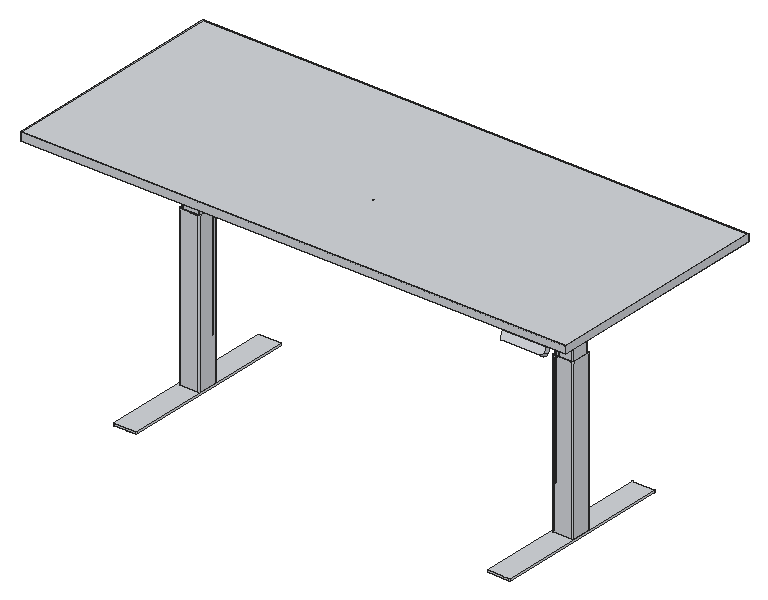
Revit family "LoftAdjHtTable_72x30", category Furniture, Revit 2015
Parameters (values of type "72.5" x 30"X 29"")
  Width = 30"
  URL = "http://www.poppin.com"
  Manufacturer = "Poppin, Inc."
  Handset = none
  Length = 71 1/2"
  Height = 29"
  Metal Hardware = none
  Glides = none
  Edge Banding = none
  Description = "Loft Adjustable Height Table, 72x30”"
  Table Top = none
  Copyright = "Copyright © Poppin, Inc."
Reference planes (in)
  plane 1 "Center (Front/Back)": y = 0
  plane 2: z = 0
  plane 3 "Center (Left/Right)": x = 0
Forms (in)
  Extrusion 1, solid, material <- "Glides"
    sketch origin (-31.41345, -0.75, 0) x (-1, 0, 0) y (0, -1, 0)
      loop
        circle (-55.87431, -11.20558) r 0.96457
      loop
        circle (-55.87431, 9.64752) r 0.96457
    from 0 to 0.3937
  Extrusion 2, solid, material <- "Metal Hardware"
    sketch origin (-31.41345, -0.75, 0) x (-1, 0, 0) y (0, -1, 0)
      loop
        line (-57.25508, -12.6453) -> (-54.48719, -12.6453)
        arc (-54.48719, -12.6453) -> (-54.40582, -12.61159) -> (-54.37211, -12.53022) r 0.11507
        line (-54.37211, -12.53022) -> (-54.37211, 10.98777)
        arc (-54.37211, 10.98777) -> (-54.40636, 11.07045) -> (-54.48905, 11.1047) r 0.11694
        line (-54.48905, 11.1047) -> (-57.25796, 11.1047)
        arc (-57.25796, 11.1047) -> (-57.33868, 11.07127) -> (-57.37211, 10.99055) r 0.11415
        line (-57.37211, 10.99055) -> (-57.37211, -12.52827)
        arc (-57.37211, -12.52827) -> (-57.33784, -12.61102) -> (-57.25508, -12.6453) r 0.11703
    from 0.35433 to 0.59055
  Extrusion 3, solid, material <- "Metal Hardware"
    sketch origin (-31.41345, -0.75, 0) x (-1, 0, 0) y (0, -1, 0)
      loop
        arc (-54.67625, -2.15022) -> (-54.54819, -2.09717) -> (-54.49515, -1.96912) r 0.1811
        line (-54.49515, -1.96912) -> (-54.49515, 0.42262)
        arc (-54.49515, 0.42262) -> (-54.54819, 0.55068) -> (-54.67625, 0.60372) r 0.1811
        line (-54.67625, 0.60372) -> (-57.07413, 0.60372)
        arc (-57.07413, 0.60372) -> (-57.20219, 0.55068) -> (-57.25523, 0.42262) r 0.1811
        line (-57.25523, 0.42262) -> (-57.25523, -1.96912)
        arc (-57.25523, -1.96912) -> (-57.20219, -2.09717) -> (-57.07413, -2.15022) r 0.1811
        line (-57.07413, -2.15022) -> (-54.67625, -2.15022)
      loop
        arc (-54.67625, -2.07148) -> (-54.60387, -2.0415) -> (-54.57389, -1.96912) r 0.10236
        line (-54.57389, -1.96912) -> (-54.57389, 0.42262)
        arc (-54.57389, 0.42262) -> (-54.60387, 0.495) -> (-54.67625, 0.52498) r 0.10236
        line (-54.67625, 0.52498) -> (-57.07413, 0.52498)
        arc (-57.07413, 0.52498) -> (-57.14651, 0.495) -> (-57.17649, 0.42262) r 0.10236
        line (-57.17649, 0.42262) -> (-57.17649, -1.96912)
        arc (-57.17649, -1.96912) -> (-57.14651, -2.0415) -> (-57.07413, -2.07148) r 0.10236
        line (-57.07413, -2.07148) -> (-54.67625, -2.07148)
    from 0.59055 to 21.33858
  Extrusion 4, solid, material <- "Metal Hardware"
    sketch origin (-31.41345, -0.75, 0) x (-1, 0, 0) y (0, -1, 0)
      loop
        line (-56.93511, -1.87561) -> (-54.80912, -1.87561)
        arc (-54.80912, -1.87561) -> (-54.78128, -1.86408) -> (-54.76975, -1.83624) r 0.03937
        line (-54.76975, -1.83624) -> (-54.76975, 0.28974)
        arc (-54.76975, 0.28974) -> (-54.78128, 0.31758) -> (-54.80912, 0.32911) r 0.03937
        line (-54.80912, 0.32911) -> (-56.93511, 0.32911)
        arc (-56.93511, 0.32911) -> (-56.96295, 0.31758) -> (-56.97448, 0.28974) r 0.03937
        line (-56.97448, 0.28974) -> (-56.97448, -1.83624)
        arc (-56.97448, -1.83624) -> (-56.96295, -1.86408) -> (-56.93511, -1.87561) r 0.03937
      loop
        line (-56.93511, -1.95435) -> (-54.80912, -1.95435)
        arc (-54.80912, -1.95435) -> (-54.72561, -1.91976) -> (-54.69101, -1.83624) r 0.11811
        line (-54.69101, -1.83624) -> (-54.69101, 0.28974)
        arc (-54.69101, 0.28974) -> (-54.72561, 0.37326) -> (-54.80912, 0.40785) r 0.11811
        line (-54.80912, 0.40785) -> (-56.93511, 0.40785)
        arc (-56.93511, 0.40785) -> (-57.01862, 0.37326) -> (-57.05322, 0.28974) r 0.11811
        line (-57.05322, 0.28974) -> (-57.05322, -1.83624)
        arc (-57.05322, -1.83624) -> (-57.01862, -1.91976) -> (-56.93511, -1.95435) r 0.11811
    from 6.20276 to 25.49409
  Extrusion 5, solid, material <- "Metal Hardware"
    sketch origin (-31.41345, -0.75, 0) x (-1, 0, 0) y (0, -1, 0)
      loop
        arc (-55.08471, -1.7575) -> (-54.94552, -1.69985) -> (-54.88786, -1.56065) r 0.19685
        line (-54.88786, -1.56065) -> (-54.88786, 0.01415)
        arc (-54.88786, 0.01415) -> (-54.94552, 0.15335) -> (-55.08471, 0.211) r 0.19685
        line (-55.08471, 0.211) -> (-56.65952, 0.211)
        arc (-56.65952, 0.211) -> (-56.79871, 0.15335) -> (-56.85637, 0.01415) r 0.19685
        line (-56.85637, 0.01415) -> (-56.85637, -1.56065)
        arc (-56.85637, -1.56065) -> (-56.79871, -1.69985) -> (-56.65952, -1.7575) r 0.19685
        line (-56.65952, -1.7575) -> (-55.08471, -1.7575)
      loop
        arc (-55.08471, -1.67876) -> (-55.0012, -1.64417) -> (-54.9666, -1.56065) r 0.11811
        line (-54.9666, -1.56065) -> (-54.9666, 0.01415)
        arc (-54.9666, 0.01415) -> (-55.0012, 0.09767) -> (-55.08471, 0.13226) r 0.11811
        line (-55.08471, 0.13226) -> (-56.65952, 0.13226)
        arc (-56.65952, 0.13226) -> (-56.74303, 0.09767) -> (-56.77763, 0.01415) r 0.11811
        line (-56.77763, 0.01415) -> (-56.77763, -1.56065)
        arc (-56.77763, -1.56065) -> (-56.74303, -1.64417) -> (-56.65952, -1.67876) r 0.11811
        line (-56.65952, -1.67876) -> (-55.08471, -1.67876)
    from 11.00197 to 29.72244
  Extrusion 6, solid, material <- "Table Top"
    sketch origin (-23.41345, -0.75, 0) x (-1, 0, 0) y (0, -1, 0)
      loop
        line (12.29718, -15.73369) -> (12.29718, 14.18757) -> (-59.12408, 14.18757) -> (-59.12408, -15.73369) -> (12.29718, -15.73369)
    from 31.73031 to 32.73031
  Sweep 7, solid, material <- "Edge Banding"
    path in 3D
      loop
        line (-35.71063, -14.93757, 32.73031) -> (-35.71063, 14.98369, 32.73031) -> (35.71063, 14.98369, 32.73031) -> (35.71063, -14.93757, 32.73031) -> (-35.71063, -14.93757, 32.73031)
    profile origin (0, -14.93757, 32.73031) x (0, -1, 0) y (0, 0, 1)
      loop
        line (0, 0) -> (-0.03937, 0) -> (-0.03937, -1) -> (0, -1) -> (0, 0)
  Extrusion 8, solid, material <- "Metal Hardware"
    sketch origin (-31.41345, -0.75, 0) x (-1, 0, 0) y (0, -1, 0)
      loop
        line (-50.08471, -0.84762) -> (-50.08471, 0.64128)
        arc (-50.08471, 0.64128) -> (-50.0997, 0.71661) -> (-50.14237, 0.78047) r 0.19685
        line (-50.14237, 0.78047) -> (-50.42076, 1.05886)
        arc (-50.42076, 1.05886) -> (-50.48462, 1.10153) -> (-50.55995, 1.11651) r 0.19685
        line (-50.55995, 1.11651) -> (-57.08979, 1.11651)
        arc (-57.08979, 1.11651) -> (-57.16512, 1.10153) -> (-57.22898, 1.05886) r 0.19685
        line (-57.22898, 1.05886) -> (-57.50737, 0.78047)
        arc (-57.50737, 0.78047) -> (-57.55004, 0.71661) -> (-57.56503, 0.64128) r 0.19685
        line (-57.56503, 0.64128) -> (-57.56503, -2.18777)
        arc (-57.56503, -2.18777) -> (-57.55004, -2.26311) -> (-57.50737, -2.32697) r 0.19685
        line (-57.50737, -2.32697) -> (-57.22898, -2.60536)
        arc (-57.22898, -2.60536) -> (-57.16512, -2.64803) -> (-57.08979, -2.66301) r 0.19685
        line (-57.08979, -2.66301) -> (-50.55995, -2.66301)
        arc (-50.55995, -2.66301) -> (-50.48462, -2.64803) -> (-50.42076, -2.60536) r 0.19685
        line (-50.42076, -2.60536) -> (-50.14237, -2.32697)
        arc (-50.14237, -2.32697) -> (-50.0997, -2.26311) -> (-50.08471, -2.18777) r 0.19685
        line (-50.08471, -2.18777) -> (-50.08471, -0.84762)
    from 29.72244 to 31.73031
  Extrusion 9, solid, material <- "Metal Hardware"
    sketch origin (-31.41345, -0.75, 0) x (0, 1, 0) y (0, 0, -1)
      loop
        line (-0.69116, -29.72317) -> (-10.18987, -30.63779)
        arc (-10.18987, -30.63779) -> (-10.44356, -30.76496) -> (-10.54583, -31.02968) r 0.3937
        line (-10.54583, -31.02968) -> (-10.54583, -31.73031) -> (12.09196, -31.73031) -> (12.09196, -31.02968)
        arc (12.09196, -31.02968) -> (11.98969, -30.76496) -> (11.736, -30.63779) r 0.3937
        line (11.736, -30.63779) -> (2.23729, -29.72317) -> (-0.69116, -29.72317)
    from -57.66345 to -56.20676
  Extrusion 10, void
    sketch origin (-31.41345, -11.29583, 31.02968) x (0, 0, -1) y (-1, 0, 0)
      loop
        line (-0.60221, -57.56503) -> (1.85316, -57.56503) -> (1.85316, -56.08865) -> (-0.60221, -56.08865) -> (-0.60221, -57.56503)
    from 0 to 24.89905
  Extrusion 11, solid, material <- "Metal Hardware"
    sketch origin (-15.37008, -11.72667, 31.73031) x (0, 1, 0) y (0, 0, -1)
      loop
        arc (9.05315, 0.03937) -> (9.06468, 0.01153) -> (9.09252, 0) r 0.03937
        line (9.09252, 0) -> (9.80118, 0)
        arc (9.80118, 0) -> (9.82902, 0.01153) -> (9.84055, 0.03937) r 0.03937
        line (9.84055, 0.03937) -> (9.84055, 1.53543)
        arc (9.84055, 1.53543) -> (9.82902, 1.56327) -> (9.80118, 1.5748) r 0.03937
        line (9.80118, 1.5748) -> (9.09252, 1.5748)
        arc (9.09252, 1.5748) -> (9.06468, 1.56327) -> (9.05315, 1.53543) r 0.03937
        line (9.05315, 1.53543) -> (9.05315, 0.03937)
      loop
        line (9.76181, 0.07874) -> (9.76181, 1.49606) -> (9.13189, 1.49606) -> (9.13189, 0.07874) -> (9.76181, 0.07874)
      loop
        arc (13.65945, 0.03937) -> (13.67098, 0.01153) -> (13.69882, 0) r 0.03937
        line (13.69882, 0) -> (14.40748, 0)
        arc (14.40748, 0) -> (14.43532, 0.01153) -> (14.44685, 0.03937) r 0.03937
        line (14.44685, 0.03937) -> (14.44685, 1.53543)
        arc (14.44685, 1.53543) -> (14.43532, 1.56327) -> (14.40748, 1.5748) r 0.03937
        line (14.40748, 1.5748) -> (13.69882, 1.5748)
        arc (13.69882, 1.5748) -> (13.67098, 1.56327) -> (13.65945, 1.53543) r 0.03937
        line (13.65945, 1.53543) -> (13.65945, 0.03937)
      loop
        line (14.36811, 0.07874) -> (14.36811, 1.49606) -> (13.73819, 1.49606) -> (13.73819, 0.07874) -> (14.36811, 0.07874)
    from -41.52165 to -21.83661
  Extrusion 12, solid, material <- "Metal Hardware"
    sketch origin (-28.79928, -11.72736, 31.73031) x (0, 1, 0) y (0, 0, -1)
      loop
        arc (9.23031, 1.24016) -> (9.16072, 1.21133) -> (9.13189, 1.14173) r 0.09843
        line (9.13189, 1.14173) -> (9.13189, 0.15748)
        arc (9.13189, 0.15748) -> (9.16072, 0.08788) -> (9.23031, 0.05906) r 0.09843
        line (9.23031, 0.05906) -> (9.62402, 0.05906)
        arc (9.62402, 0.05906) -> (9.69361, 0.08788) -> (9.72244, 0.15748) r 0.09843
        line (9.72244, 0.15748) -> (9.72244, 1.14173)
        arc (9.72244, 1.14173) -> (9.69361, 1.21133) -> (9.62402, 1.24016) r 0.09843
        line (9.62402, 1.24016) -> (9.23031, 1.24016)
      loop
        line (9.62402, 1.1811) -> (9.23031, 1.1811)
        arc (9.23031, 1.1811) -> (9.20248, 1.16957) -> (9.19094, 1.14173) r 0.03937
        line (9.19094, 1.14173) -> (9.19094, 0.15748)
        arc (9.19094, 0.15748) -> (9.20248, 0.12964) -> (9.23031, 0.11811) r 0.03937
        line (9.23031, 0.11811) -> (9.62402, 0.11811)
        arc (9.62402, 0.11811) -> (9.65185, 0.12964) -> (9.66339, 0.15748) r 0.03937
        line (9.66339, 0.15748) -> (9.66339, 1.14173)
        arc (9.66339, 1.14173) -> (9.65185, 1.16957) -> (9.62402, 1.1811) r 0.03937
      loop
        arc (13.87598, 1.24016) -> (13.80639, 1.21133) -> (13.77756, 1.14173) r 0.09843
        line (13.77756, 1.14173) -> (13.77756, 0.15748)
        arc (13.77756, 0.15748) -> (13.80639, 0.08788) -> (13.87598, 0.05906) r 0.09843
        line (13.87598, 0.05906) -> (14.26969, 0.05906)
        arc (14.26969, 0.05906) -> (14.33928, 0.08788) -> (14.36811, 0.15748) r 0.09843
        line (14.36811, 0.15748) -> (14.36811, 1.14173)
        arc (14.36811, 1.14173) -> (14.33928, 1.21133) -> (14.26969, 1.24016) r 0.09843
        line (14.26969, 1.24016) -> (13.87598, 1.24016)
      loop
        line (14.26969, 1.1811) -> (13.87598, 1.1811)
        arc (13.87598, 1.1811) -> (13.84815, 1.16957) -> (13.83661, 1.14173) r 0.03937
        line (13.83661, 1.14173) -> (13.83661, 0.15748)
        arc (13.83661, 0.15748) -> (13.84815, 0.12964) -> (13.87598, 0.11811) r 0.03937
        line (13.87598, 0.11811) -> (14.26969, 0.11811)
        arc (14.26969, 0.11811) -> (14.29752, 0.12964) -> (14.30906, 0.15748) r 0.03937
        line (14.30906, 0.15748) -> (14.30906, 1.14173)
        arc (14.30906, 1.14173) -> (14.29752, 1.16957) -> (14.26969, 1.1811) r 0.03937
    from -46.26582 to -28.79928
  Extrusion 13, solid, material <- "Glides"
    sketch origin (31.41345, -0.75, 0) x (1, 0, 0) y (0, 1, 0)
      loop
        circle (-55.87431, 11.20558) r 0.96457
      loop
        circle (-55.87431, -9.64752) r 0.96457
    from 0 to 0.3937
  Extrusion 14, solid, material <- "Metal Hardware"
    sketch origin (31.41345, -0.75, 0) x (1, 0, 0) y (0, 1, 0)
      loop
        arc (-57.25508, 12.6453) -> (-57.33784, 12.61102) -> (-57.37211, 12.52827) r 0.11703
        line (-57.37211, 12.52827) -> (-57.37211, -10.99055)
        arc (-57.37211, -10.99055) -> (-57.33868, -11.07127) -> (-57.25796, -11.1047) r 0.11415
        line (-57.25796, -11.1047) -> (-54.48905, -11.1047)
        arc (-54.48905, -11.1047) -> (-54.40636, -11.07045) -> (-54.37211, -10.98777) r 0.11694
        line (-54.37211, -10.98777) -> (-54.37211, 12.53022)
        arc (-54.37211, 12.53022) -> (-54.40582, 12.61159) -> (-54.48719, 12.6453) r 0.11507
        line (-54.48719, 12.6453) -> (-57.25508, 12.6453)
    from 0.35433 to 0.59055
  Extrusion 15, solid, material <- "Metal Hardware"
    sketch origin (31.41345, -0.75, 0) x (1, 0, 0) y (0, 1, 0)
      loop
        line (-54.67625, 2.15022) -> (-57.07413, 2.15022)
        arc (-57.07413, 2.15022) -> (-57.20219, 2.09717) -> (-57.25523, 1.96912) r 0.1811
        line (-57.25523, 1.96912) -> (-57.25523, -0.42262)
        arc (-57.25523, -0.42262) -> (-57.20219, -0.55068) -> (-57.07413, -0.60372) r 0.1811
        line (-57.07413, -0.60372) -> (-54.67625, -0.60372)
        arc (-54.67625, -0.60372) -> (-54.54819, -0.55068) -> (-54.49515, -0.42262) r 0.1811
        line (-54.49515, -0.42262) -> (-54.49515, 1.96912)
        arc (-54.49515, 1.96912) -> (-54.54819, 2.09717) -> (-54.67625, 2.15022) r 0.1811
      loop
        line (-54.67625, 2.07148) -> (-57.07413, 2.07148)
        arc (-57.07413, 2.07148) -> (-57.14651, 2.0415) -> (-57.17649, 1.96912) r 0.10236
        line (-57.17649, 1.96912) -> (-57.17649, -0.42262)
        arc (-57.17649, -0.42262) -> (-57.14651, -0.495) -> (-57.07413, -0.52498) r 0.10236
        line (-57.07413, -0.52498) -> (-54.67625, -0.52498)
        arc (-54.67625, -0.52498) -> (-54.60387, -0.495) -> (-54.57389, -0.42262) r 0.10236
        line (-54.57389, -0.42262) -> (-54.57389, 1.96912)
        arc (-54.57389, 1.96912) -> (-54.60387, 2.0415) -> (-54.67625, 2.07148) r 0.10236
    from 0.59055 to 21.33858
  Extrusion 16, solid, material <- "Metal Hardware"
    sketch origin (31.41345, -0.75, 0) x (1, 0, 0) y (0, 1, 0)
      loop
        arc (-56.93511, 1.87561) -> (-56.96295, 1.86408) -> (-56.97448, 1.83624) r 0.03937
        line (-56.97448, 1.83624) -> (-56.97448, -0.28974)
        arc (-56.97448, -0.28974) -> (-56.96295, -0.31758) -> (-56.93511, -0.32911) r 0.03937
        line (-56.93511, -0.32911) -> (-54.80912, -0.32911)
        arc (-54.80912, -0.32911) -> (-54.78128, -0.31758) -> (-54.76975, -0.28974) r 0.03937
        line (-54.76975, -0.28974) -> (-54.76975, 1.83624)
        arc (-54.76975, 1.83624) -> (-54.78128, 1.86408) -> (-54.80912, 1.87561) r 0.03937
        line (-54.80912, 1.87561) -> (-56.93511, 1.87561)
      loop
        arc (-56.93511, 1.95435) -> (-57.01862, 1.91976) -> (-57.05322, 1.83624) r 0.11811
        line (-57.05322, 1.83624) -> (-57.05322, -0.28974)
        arc (-57.05322, -0.28974) -> (-57.01862, -0.37326) -> (-56.93511, -0.40785) r 0.11811
        line (-56.93511, -0.40785) -> (-54.80912, -0.40785)
        arc (-54.80912, -0.40785) -> (-54.72561, -0.37326) -> (-54.69101, -0.28974) r 0.11811
        line (-54.69101, -0.28974) -> (-54.69101, 1.83624)
        arc (-54.69101, 1.83624) -> (-54.72561, 1.91976) -> (-54.80912, 1.95435) r 0.11811
        line (-54.80912, 1.95435) -> (-56.93511, 1.95435)
    from 6.20276 to 25.49409
  Extrusion 17, solid, material <- "Metal Hardware"
    sketch origin (31.41345, -0.75, 0) x (1, 0, 0) y (0, 1, 0)
      loop
        line (-55.08471, 1.7575) -> (-56.65952, 1.7575)
        arc (-56.65952, 1.7575) -> (-56.79871, 1.69985) -> (-56.85637, 1.56065) r 0.19685
        line (-56.85637, 1.56065) -> (-56.85637, -0.01415)
        arc (-56.85637, -0.01415) -> (-56.79871, -0.15335) -> (-56.65952, -0.211) r 0.19685
        line (-56.65952, -0.211) -> (-55.08471, -0.211)
        arc (-55.08471, -0.211) -> (-54.94552, -0.15335) -> (-54.88786, -0.01415) r 0.19685
        line (-54.88786, -0.01415) -> (-54.88786, 1.56065)
        arc (-54.88786, 1.56065) -> (-54.94552, 1.69985) -> (-55.08471, 1.7575) r 0.19685
      loop
        line (-55.08471, 1.67876) -> (-56.65952, 1.67876)
        arc (-56.65952, 1.67876) -> (-56.74303, 1.64417) -> (-56.77763, 1.56065) r 0.11811
        line (-56.77763, 1.56065) -> (-56.77763, -0.01415)
        arc (-56.77763, -0.01415) -> (-56.74303, -0.09767) -> (-56.65952, -0.13226) r 0.11811
        line (-56.65952, -0.13226) -> (-55.08471, -0.13226)
        arc (-55.08471, -0.13226) -> (-55.0012, -0.09767) -> (-54.9666, -0.01415) r 0.11811
        line (-54.9666, -0.01415) -> (-54.9666, 1.56065)
        arc (-54.9666, 1.56065) -> (-55.0012, 1.64417) -> (-55.08471, 1.67876) r 0.11811
    from 11.00197 to 29.72244
  Extrusion 18, solid, material <- "Metal Hardware"
    sketch origin (31.41345, -0.75, 0) x (1, 0, 0) y (0, 1, 0)
      loop
        line (-50.08471, 0.84762) -> (-50.08471, 2.18777)
        arc (-50.08471, 2.18777) -> (-50.0997, 2.26311) -> (-50.14237, 2.32697) r 0.19685
        line (-50.14237, 2.32697) -> (-50.42076, 2.60536)
        arc (-50.42076, 2.60536) -> (-50.48462, 2.64803) -> (-50.55995, 2.66301) r 0.19685
        line (-50.55995, 2.66301) -> (-57.08979, 2.66301)
        arc (-57.08979, 2.66301) -> (-57.16512, 2.64803) -> (-57.22898, 2.60536) r 0.19685
        line (-57.22898, 2.60536) -> (-57.50737, 2.32697)
        arc (-57.50737, 2.32697) -> (-57.55004, 2.26311) -> (-57.56503, 2.18777) r 0.19685
        line (-57.56503, 2.18777) -> (-57.56503, -0.64128)
        arc (-57.56503, -0.64128) -> (-57.55004, -0.71661) -> (-57.50737, -0.78047) r 0.19685
        line (-57.50737, -0.78047) -> (-57.22898, -1.05886)
        arc (-57.22898, -1.05886) -> (-57.16512, -1.10153) -> (-57.08979, -1.11651) r 0.19685
        line (-57.08979, -1.11651) -> (-50.55995, -1.11651)
        arc (-50.55995, -1.11651) -> (-50.48462, -1.10153) -> (-50.42076, -1.05886) r 0.19685
        line (-50.42076, -1.05886) -> (-50.14237, -0.78047)
        arc (-50.14237, -0.78047) -> (-50.0997, -0.71661) -> (-50.08471, -0.64128) r 0.19685
        line (-50.08471, -0.64128) -> (-50.08471, 0.84762)
    from 29.72244 to 31.73031
  Extrusion 19, solid, material <- "Metal Hardware"
    sketch origin (31.41345, -0.75, 0) x (0, 1, 0) y (0, 0, 1)
      loop
        line (-0.69116, 29.72317) -> (2.23729, 29.72317) -> (11.736, 30.63779)
        arc (11.736, 30.63779) -> (11.98969, 30.76496) -> (12.09196, 31.02968) r 0.3937
        line (12.09196, 31.02968) -> (12.09196, 31.73031) -> (-10.54583, 31.73031) -> (-10.54583, 31.02968)
        arc (-10.54583, 31.02968) -> (-10.44356, 30.76496) -> (-10.18987, 30.63779) r 0.3937
        line (-10.18987, 30.63779) -> (-0.69116, 29.72317)
    from -57.66345 to -56.20676
  Extrusion 20, void
    sketch origin (31.41345, -11.29583, 31.02968) x (0, 0, -1) y (-1, 0, 0)
      loop
        line (-0.60221, 57.56503) -> (-0.60221, 56.08865) -> (1.85316, 56.08865) -> (1.85316, 57.56503) -> (-0.60221, 57.56503)
    from 0 to 24.89905
  Extrusion 21, solid, material <- "Metal Hardware"
    sketch origin (15.37008, -11.72667, 31.73031) x (0, 1, 0) y (0, 0, 1)
      loop
        line (9.05315, -0.03937) -> (9.05315, -1.53543)
        arc (9.05315, -1.53543) -> (9.06468, -1.56327) -> (9.09252, -1.5748) r 0.03937
        line (9.09252, -1.5748) -> (9.80118, -1.5748)
        arc (9.80118, -1.5748) -> (9.82902, -1.56327) -> (9.84055, -1.53543) r 0.03937
        line (9.84055, -1.53543) -> (9.84055, -0.03937)
        arc (9.84055, -0.03937) -> (9.82902, -0.01153) -> (9.80118, 0) r 0.03937
        line (9.80118, 0) -> (9.09252, 0)
        arc (9.09252, 0) -> (9.06468, -0.01153) -> (9.05315, -0.03937) r 0.03937
      loop
        line (9.76181, -0.07874) -> (9.13189, -0.07874) -> (9.13189, -1.49606) -> (9.76181, -1.49606) -> (9.76181, -0.07874)
      loop
        line (13.65945, -0.03937) -> (13.65945, -1.53543)
        arc (13.65945, -1.53543) -> (13.67098, -1.56327) -> (13.69882, -1.5748) r 0.03937
        line (13.69882, -1.5748) -> (14.40748, -1.5748)
        arc (14.40748, -1.5748) -> (14.43532, -1.56327) -> (14.44685, -1.53543) r 0.03937
        line (14.44685, -1.53543) -> (14.44685, -0.03937)
        arc (14.44685, -0.03937) -> (14.43532, -0.01153) -> (14.40748, 0) r 0.03937
        line (14.40748, 0) -> (13.69882, 0)
        arc (13.69882, 0) -> (13.67098, -0.01153) -> (13.65945, -0.03937) r 0.03937
      loop
        line (14.36811, -0.07874) -> (13.73819, -0.07874) -> (13.73819, -1.49606) -> (14.36811, -1.49606) -> (14.36811, -0.07874)
    from -41.52165 to -21.83661
  Extrusion 22, solid, material <- "Metal Hardware"
    sketch origin (28.79928, -11.72736, 31.73031) x (0, 1, 0) y (0, 0, 1)
      loop
        line (9.23031, -1.24016) -> (9.62402, -1.24016)
        arc (9.62402, -1.24016) -> (9.69361, -1.21133) -> (9.72244, -1.14173) r 0.09843
        line (9.72244, -1.14173) -> (9.72244, -0.15748)
        arc (9.72244, -0.15748) -> (9.69361, -0.08788) -> (9.62402, -0.05906) r 0.09843
        line (9.62402, -0.05906) -> (9.23031, -0.05906)
        arc (9.23031, -0.05906) -> (9.16072, -0.08788) -> (9.13189, -0.15748) r 0.09843
        line (9.13189, -0.15748) -> (9.13189, -1.14173)
        arc (9.13189, -1.14173) -> (9.16072, -1.21133) -> (9.23031, -1.24016) r 0.09843
      loop
        arc (9.62402, -1.1811) -> (9.65185, -1.16957) -> (9.66339, -1.14173) r 0.03937
        line (9.66339, -1.14173) -> (9.66339, -0.15748)
        arc (9.66339, -0.15748) -> (9.65185, -0.12964) -> (9.62402, -0.11811) r 0.03937
        line (9.62402, -0.11811) -> (9.23031, -0.11811)
        arc (9.23031, -0.11811) -> (9.20248, -0.12964) -> (9.19094, -0.15748) r 0.03937
        line (9.19094, -0.15748) -> (9.19094, -1.14173)
        arc (9.19094, -1.14173) -> (9.20248, -1.16957) -> (9.23031, -1.1811) r 0.03937
        line (9.23031, -1.1811) -> (9.62402, -1.1811)
      loop
        line (13.87598, -1.24016) -> (14.26969, -1.24016)
        arc (14.26969, -1.24016) -> (14.33928, -1.21133) -> (14.36811, -1.14173) r 0.09843
        line (14.36811, -1.14173) -> (14.36811, -0.15748)
        arc (14.36811, -0.15748) -> (14.33928, -0.08788) -> (14.26969, -0.05906) r 0.09843
        line (14.26969, -0.05906) -> (13.87598, -0.05906)
        arc (13.87598, -0.05906) -> (13.80639, -0.08788) -> (13.77756, -0.15748) r 0.09843
        line (13.77756, -0.15748) -> (13.77756, -1.14173)
        arc (13.77756, -1.14173) -> (13.80639, -1.21133) -> (13.87598, -1.24016) r 0.09843
      loop
        arc (14.26969, -1.1811) -> (14.29752, -1.16957) -> (14.30906, -1.14173) r 0.03937
        line (14.30906, -1.14173) -> (14.30906, -0.15748)
        arc (14.30906, -0.15748) -> (14.29752, -0.12964) -> (14.26969, -0.11811) r 0.03937
        line (14.26969, -0.11811) -> (13.87598, -0.11811)
        arc (13.87598, -0.11811) -> (13.84815, -0.12964) -> (13.83661, -0.15748) r 0.03937
        line (13.83661, -0.15748) -> (13.83661, -1.14173)
        arc (13.83661, -1.14173) -> (13.84815, -1.16957) -> (13.87598, -1.1811) r 0.03937
        line (13.87598, -1.1811) -> (14.26969, -1.1811)
    from -46.26582 to -28.79928
  Extrusion 23, solid, material <- "Handset"
    sketch origin (24.95276, 15.1377, 31.73031) x (0, -1, 0) y (0, 0, 1)
      loop
        line (29.15035, 0) -> (27.80512, 0) -> (27.80512, -0.27559) -> (27.88386, -0.27559)
        arc (27.88386, -0.27559) -> (28.63072, -0.40054) -> (29.29625, -0.76178) r 2.29461
        arc (29.29625, -0.76178) -> (29.49874, -0.84318) -> (29.71347, -0.80423) r 0.3937
        line (29.71347, -0.80423) -> (29.15035, 0)
    from -4.22244 to -3.67126
  Extrusion 24, void
    sketch origin (24.95276, 15.1377, 31.73031) x (0, 1, 0) y (0, 0, 1)
      loop
        line (-29.1917, -0.05906) -> (-29.71347, -0.80423)
        arc (-29.71347, -0.80423) -> (-29.49874, -0.84318) -> (-29.29625, -0.76178) r 0.3937
        arc (-29.29625, -0.76178) -> (-28.63072, -0.40054) -> (-27.88386, -0.27559) r 2.29461
        line (-27.88386, -0.27559) -> (-27.80512, -0.27559) -> (-27.80512, -0.05906) -> (-29.1917, -0.05906)
    from 3.73031 to 4.16339
  Extrusion 25, solid, material <- "Handset"
    sketch origin (27.80709, 15.1377, 31.73031) x (0, -1, 0) y (0, 0, 1)
      loop
        line (29.15035, 0) -> (27.80512, 0) -> (27.80512, -0.27559) -> (27.88386, -0.27559)
        arc (27.88386, -0.27559) -> (28.63072, -0.40054) -> (29.29625, -0.76178) r 2.29461
        arc (29.29625, -0.76178) -> (29.49874, -0.84318) -> (29.71347, -0.80423) r 0.3937
        line (29.71347, -0.80423) -> (29.15035, 0)
    from -4.22244 to -3.67126
  Extrusion 26, void
    sketch origin (27.80709, 15.1377, 31.73031) x (0, 1, 0) y (0, 0, 1)
      loop
        line (-29.1917, -0.05906) -> (-29.71347, -0.80423)
        arc (-29.71347, -0.80423) -> (-29.49874, -0.84318) -> (-29.29625, -0.76178) r 0.3937
        arc (-29.29625, -0.76178) -> (-28.63072, -0.40054) -> (-27.88386, -0.27559) r 2.29461
        line (-27.88386, -0.27559) -> (-27.80512, -0.27559) -> (-27.80512, -0.05906) -> (-29.1917, -0.05906)
    from 3.73031 to 4.16339
  Extrusion 27, solid, material <- "Handset"
    sketch origin (24.95276, 15.1377, 31.73031) x (0, -1, 0) y (0, 0, 1)
      loop
        line (29.22244, 0) -> (27.80512, 0) -> (27.80512, -0.05906) -> (29.1917, -0.05906) -> (29.71347, -0.80423) -> (29.7644, -0.774) -> (29.22244, 0)
    from -7.05709 to -3.67126
  Extrusion 28, solid, material <- "Handset"
    sketch origin (24.95276, 15.1377, 31.73031) x (0, -1, 0) y (0, 0, 1)
      loop
        line (30.58654, -0.91853) -> (29.96595, -0.03224)
        arc (29.96595, -0.03224) -> (29.93892, -0.00854) -> (29.90401, 0) r 0.07561
        line (29.90401, 0) -> (29.29741, 0)
        arc (29.29741, 0) -> (29.26279, -0.02101) -> (29.26544, -0.06141) r 0.03903
        line (29.26544, -0.06141) -> (30.0128, -1.12875)
        arc (30.0128, -1.12875) -> (30.13987, -1.2097) -> (30.28696, -1.17709) r 0.19685
        line (30.28696, -1.17709) -> (30.57672, -0.9742)
        arc (30.57672, -0.9742) -> (30.59316, -0.9484) -> (30.58654, -0.91853) r 0.03997
    from -8.2185 to -2.50984
  Extrusion 29, void
    sketch origin (24.95276, -15.44918, 30.81129) x (0, -0.573576, -0.819152) y (-1, 0, 0)
      loop
        arc (-0.31662, -2.50984) -> (-0.09316, -2.6024) -> (-0.0006, -2.82586) r 0.31602
        line (-0.0006, -2.82586) -> (-0.0006, -7.8248)
        arc (-0.0006, -7.8248) -> (-0.11591, -8.10319) -> (-0.3943, -8.2185) r 0.3937
        line (-0.3943, -8.2185) -> (0.19625, -8.2185) -> (0.19625, -2.50984) -> (-0.31662, -2.50984)
    from 0 to 1.86625
  Extrusion 30, solid, material <- "Handset", not visible
    sketch origin (49.06807, 15.1377, 31.73031) x (0, -1, 0) y (0, 0, 1)
      loop
        line (29.15035, 0) -> (27.80512, 0) -> (27.80512, -0.27559) -> (27.88386, -0.27559)
        arc (27.88386, -0.27559) -> (28.63072, -0.40054) -> (29.29625, -0.76178) r 2.29461
        arc (29.29625, -0.76178) -> (29.49874, -0.84318) -> (29.71347, -0.80423) r 0.3937
        line (29.71347, -0.80423) -> (29.15035, 0)
    from -4.22244 to -3.67126
  Extrusion 31, void, not visible
    sketch origin (49.06807, 15.1377, 31.73031) x (0, 1, 0) y (0, 0, 1)
      loop
        line (-29.1917, -0.05906) -> (-29.71347, -0.80423)
        arc (-29.71347, -0.80423) -> (-29.49874, -0.84318) -> (-29.29625, -0.76178) r 0.3937
        arc (-29.29625, -0.76178) -> (-28.63072, -0.40054) -> (-27.88386, -0.27559) r 2.29461
        line (-27.88386, -0.27559) -> (-27.80512, -0.27559) -> (-27.80512, -0.05906) -> (-29.1917, -0.05906)
    from 3.73031 to 4.16339
  Extrusion 32, solid, material <- "Handset", not visible
    sketch origin (51.9224, 15.1377, 31.73031) x (0, -1, 0) y (0, 0, 1)
      loop
        line (29.15035, 0) -> (27.80512, 0) -> (27.80512, -0.27559) -> (27.88386, -0.27559)
        arc (27.88386, -0.27559) -> (28.63072, -0.40054) -> (29.29625, -0.76178) r 2.29461
        arc (29.29625, -0.76178) -> (29.49874, -0.84318) -> (29.71347, -0.80423) r 0.3937
        line (29.71347, -0.80423) -> (29.15035, 0)
    from -4.22244 to -3.67126
  Extrusion 33, void, not visible
    sketch origin (51.9224, 15.1377, 31.73031) x (0, 1, 0) y (0, 0, 1)
      loop
        line (-29.1917, -0.05906) -> (-29.71347, -0.80423)
        arc (-29.71347, -0.80423) -> (-29.49874, -0.84318) -> (-29.29625, -0.76178) r 0.3937
        arc (-29.29625, -0.76178) -> (-28.63072, -0.40054) -> (-27.88386, -0.27559) r 2.29461
        line (-27.88386, -0.27559) -> (-27.80512, -0.27559) -> (-27.80512, -0.05906) -> (-29.1917, -0.05906)
    from 3.73031 to 4.16339
  Extrusion 34, solid, material <- "Handset", not visible
    sketch origin (49.06807, 15.1377, 31.73031) x (0, -1, 0) y (0, 0, 1)
      loop
        line (29.22244, 0) -> (27.80512, 0) -> (27.80512, -0.05906) -> (29.1917, -0.05906) -> (29.71347, -0.80423) -> (29.7644, -0.774) -> (29.22244, 0)
    from -7.05709 to -3.67126
  Extrusion 35, solid, material <- "Handset", not visible
    sketch origin (49.06807, 15.1377, 31.73031) x (0, -1, 0) y (0, 0, 1)
      loop
        line (30.58654, -0.91853) -> (29.96595, -0.03224)
        arc (29.96595, -0.03224) -> (29.93892, -0.00854) -> (29.90401, 0) r 0.07561
        line (29.90401, 0) -> (29.29741, 0)
        arc (29.29741, 0) -> (29.26279, -0.02101) -> (29.26544, -0.06141) r 0.03903
        line (29.26544, -0.06141) -> (30.0128, -1.12875)
        arc (30.0128, -1.12875) -> (30.13987, -1.2097) -> (30.28696, -1.17709) r 0.19685
        line (30.28696, -1.17709) -> (30.57672, -0.9742)
        arc (30.57672, -0.9742) -> (30.59316, -0.9484) -> (30.58654, -0.91853) r 0.03997
    from -8.2185 to -2.50984
  Extrusion 36, void, not visible
    sketch origin (49.06807, -15.44918, 30.81129) x (0, -0.573576, -0.819152) y (-1, 0, 0)
      loop
        arc (-0.31662, -2.50984) -> (-0.09316, -2.6024) -> (-0.0006, -2.82586) r 0.31602
        line (-0.0006, -2.82586) -> (-0.0006, -7.8248)
        arc (-0.0006, -7.8248) -> (-0.11591, -8.10319) -> (-0.3943, -8.2185) r 0.3937
        line (-0.3943, -8.2185) -> (0.19625, -8.2185) -> (0.19625, -2.50984) -> (-0.31662, -2.50984)
    from 0 to 1.86625
  Sweep 37, solid, material <- "Edge Banding", not visible
    path in 3D
      loop
        line (-35.71063, -14.93757, 32.73031) -> (-35.71063, 14.98369, 32.73031) -> (35.71063, 14.98369, 32.73031) -> (35.71063, -14.93757, 32.73031) -> (-35.71063, -14.93757, 32.73031)
    profile origin (0, -14.93757, 32.73031) x (0, -1, 0) y (0, 0, 1)
      loop
        line (0, 0) -> (-0.03937, 0) -> (-0.03937, -1) -> (0, -1) -> (0, 0)
  Extrusion 38, solid, material <- "Table Top", not visible
    sketch origin (-23.41345, -0.75, 0) x (-1, 0, 0) y (0, -1, 0)
      loop
        line (12.29718, -15.73369) -> (12.29718, 14.18757) -> (-59.12408, 14.18757) -> (-59.12408, -15.73369) -> (12.29718, -15.73369)
    from 31.73031 to 32.73031
  Extrusion 39, solid, material <- "Glides", not visible
    sketch origin (-31.41345, -0.75, 0) x (-1, 0, 0) y (0, -1, 0)
      loop
        circle (-55.87431, -11.20558) r 0.96457
      loop
        circle (-55.87431, 9.64752) r 0.96457
    from 0 to 0.3937
  Extrusion 40, solid, material <- "Glides", not visible
    sketch origin (31.41345, -0.75, 0) x (1, 0, 0) y (0, 1, 0)
      loop
        circle (-55.87431, 11.20558) r 0.96457
      loop
        circle (-55.87431, -9.64752) r 0.96457
    from 0 to 0.3937
  Extrusion 41, solid, material <- "Metal Hardware", not visible
    sketch origin (-31.41345, -0.75, 0) x (-1, 0, 0) y (0, -1, 0)
      loop
        line (-57.25508, -12.6453) -> (-54.48719, -12.6453)
        arc (-54.48719, -12.6453) -> (-54.40582, -12.61159) -> (-54.37211, -12.53022) r 0.11507
        line (-54.37211, -12.53022) -> (-54.37211, 10.98777)
        arc (-54.37211, 10.98777) -> (-54.40636, 11.07045) -> (-54.48905, 11.1047) r 0.11694
        line (-54.48905, 11.1047) -> (-57.25796, 11.1047)
        arc (-57.25796, 11.1047) -> (-57.33868, 11.07127) -> (-57.37211, 10.99055) r 0.11415
        line (-57.37211, 10.99055) -> (-57.37211, -12.52827)
        arc (-57.37211, -12.52827) -> (-57.33784, -12.61102) -> (-57.25508, -12.6453) r 0.11703
    from 0.35433 to 0.59055
  Extrusion 42, solid, material <- "Metal Hardware", not visible
    sketch origin (-31.41345, -0.75, 0) x (-1, 0, 0) y (0, -1, 0)
      loop
        arc (-54.67625, -2.15022) -> (-54.54819, -2.09717) -> (-54.49515, -1.96912) r 0.1811
        line (-54.49515, -1.96912) -> (-54.49515, 0.42262)
        arc (-54.49515, 0.42262) -> (-54.54819, 0.55068) -> (-54.67625, 0.60372) r 0.1811
        line (-54.67625, 0.60372) -> (-57.07413, 0.60372)
        arc (-57.07413, 0.60372) -> (-57.20219, 0.55068) -> (-57.25523, 0.42262) r 0.1811
        line (-57.25523, 0.42262) -> (-57.25523, -1.96912)
        arc (-57.25523, -1.96912) -> (-57.20219, -2.09717) -> (-57.07413, -2.15022) r 0.1811
        line (-57.07413, -2.15022) -> (-54.67625, -2.15022)
      loop
        arc (-54.67625, -2.07148) -> (-54.60387, -2.0415) -> (-54.57389, -1.96912) r 0.10236
        line (-54.57389, -1.96912) -> (-54.57389, 0.42262)
        arc (-54.57389, 0.42262) -> (-54.60387, 0.495) -> (-54.67625, 0.52498) r 0.10236
        line (-54.67625, 0.52498) -> (-57.07413, 0.52498)
        arc (-57.07413, 0.52498) -> (-57.14651, 0.495) -> (-57.17649, 0.42262) r 0.10236
        line (-57.17649, 0.42262) -> (-57.17649, -1.96912)
        arc (-57.17649, -1.96912) -> (-57.14651, -2.0415) -> (-57.07413, -2.07148) r 0.10236
        line (-57.07413, -2.07148) -> (-54.67625, -2.07148)
    from 0.59055 to 21.33858
  Extrusion 43, solid, material <- "Metal Hardware", not visible
    sketch origin (-31.41345, -0.75, 0) x (-1, 0, 0) y (0, -1, 0)
      loop
        line (-56.93511, -1.87561) -> (-54.80912, -1.87561)
        arc (-54.80912, -1.87561) -> (-54.78128, -1.86408) -> (-54.76975, -1.83624) r 0.03937
        line (-54.76975, -1.83624) -> (-54.76975, 0.28974)
        arc (-54.76975, 0.28974) -> (-54.78128, 0.31758) -> (-54.80912, 0.32911) r 0.03937
        line (-54.80912, 0.32911) -> (-56.93511, 0.32911)
        arc (-56.93511, 0.32911) -> (-56.96295, 0.31758) -> (-56.97448, 0.28974) r 0.03937
        line (-56.97448, 0.28974) -> (-56.97448, -1.83624)
        arc (-56.97448, -1.83624) -> (-56.96295, -1.86408) -> (-56.93511, -1.87561) r 0.03937
      loop
        line (-56.93511, -1.95435) -> (-54.80912, -1.95435)
        arc (-54.80912, -1.95435) -> (-54.72561, -1.91976) -> (-54.69101, -1.83624) r 0.11811
        line (-54.69101, -1.83624) -> (-54.69101, 0.28974)
        arc (-54.69101, 0.28974) -> (-54.72561, 0.37326) -> (-54.80912, 0.40785) r 0.11811
        line (-54.80912, 0.40785) -> (-56.93511, 0.40785)
        arc (-56.93511, 0.40785) -> (-57.01862, 0.37326) -> (-57.05322, 0.28974) r 0.11811
        line (-57.05322, 0.28974) -> (-57.05322, -1.83624)
        arc (-57.05322, -1.83624) -> (-57.01862, -1.91976) -> (-56.93511, -1.95435) r 0.11811
    from 6.20276 to 25.49409
  Extrusion 44, solid, material <- "Metal Hardware", not visible
    sketch origin (-31.41345, -0.75, 0) x (-1, 0, 0) y (0, -1, 0)
      loop
        arc (-55.08471, -1.7575) -> (-54.94552, -1.69985) -> (-54.88786, -1.56065) r 0.19685
        line (-54.88786, -1.56065) -> (-54.88786, 0.01415)
        arc (-54.88786, 0.01415) -> (-54.94552, 0.15335) -> (-55.08471, 0.211) r 0.19685
        line (-55.08471, 0.211) -> (-56.65952, 0.211)
        arc (-56.65952, 0.211) -> (-56.79871, 0.15335) -> (-56.85637, 0.01415) r 0.19685
        line (-56.85637, 0.01415) -> (-56.85637, -1.56065)
        arc (-56.85637, -1.56065) -> (-56.79871, -1.69985) -> (-56.65952, -1.7575) r 0.19685
        line (-56.65952, -1.7575) -> (-55.08471, -1.7575)
      loop
        arc (-55.08471, -1.67876) -> (-55.0012, -1.64417) -> (-54.9666, -1.56065) r 0.11811
        line (-54.9666, -1.56065) -> (-54.9666, 0.01415)
        arc (-54.9666, 0.01415) -> (-55.0012, 0.09767) -> (-55.08471, 0.13226) r 0.11811
        line (-55.08471, 0.13226) -> (-56.65952, 0.13226)
        arc (-56.65952, 0.13226) -> (-56.74303, 0.09767) -> (-56.77763, 0.01415) r 0.11811
        line (-56.77763, 0.01415) -> (-56.77763, -1.56065)
        arc (-56.77763, -1.56065) -> (-56.74303, -1.64417) -> (-56.65952, -1.67876) r 0.11811
        line (-56.65952, -1.67876) -> (-55.08471, -1.67876)
    from 11.00197 to 29.72244
  Extrusion 45, solid, material <- "Metal Hardware", not visible
    sketch origin (-31.41345, -0.75, 0) x (-1, 0, 0) y (0, -1, 0)
      loop
        line (-50.08471, -0.84762) -> (-50.08471, 0.64128)
        arc (-50.08471, 0.64128) -> (-50.0997, 0.71661) -> (-50.14237, 0.78047) r 0.19685
        line (-50.14237, 0.78047) -> (-50.42076, 1.05886)
        arc (-50.42076, 1.05886) -> (-50.48462, 1.10153) -> (-50.55995, 1.11651) r 0.19685
        line (-50.55995, 1.11651) -> (-57.08979, 1.11651)
        arc (-57.08979, 1.11651) -> (-57.16512, 1.10153) -> (-57.22898, 1.05886) r 0.19685
        line (-57.22898, 1.05886) -> (-57.50737, 0.78047)
        arc (-57.50737, 0.78047) -> (-57.55004, 0.71661) -> (-57.56503, 0.64128) r 0.19685
        line (-57.56503, 0.64128) -> (-57.56503, -2.18777)
        arc (-57.56503, -2.18777) -> (-57.55004, -2.26311) -> (-57.50737, -2.32697) r 0.19685
        line (-57.50737, -2.32697) -> (-57.22898, -2.60536)
        arc (-57.22898, -2.60536) -> (-57.16512, -2.64803) -> (-57.08979, -2.66301) r 0.19685
        line (-57.08979, -2.66301) -> (-50.55995, -2.66301)
        arc (-50.55995, -2.66301) -> (-50.48462, -2.64803) -> (-50.42076, -2.60536) r 0.19685
        line (-50.42076, -2.60536) -> (-50.14237, -2.32697)
        arc (-50.14237, -2.32697) -> (-50.0997, -2.26311) -> (-50.08471, -2.18777) r 0.19685
        line (-50.08471, -2.18777) -> (-50.08471, -0.84762)
    from 29.72244 to 31.73031
  Extrusion 46, solid, material <- "Metal Hardware", not visible
    sketch origin (-31.41345, -0.75, 0) x (0, 1, 0) y (0, 0, -1)
      loop
        line (-0.69116, -29.72317) -> (-10.18987, -30.63779)
        arc (-10.18987, -30.63779) -> (-10.44356, -30.76496) -> (-10.54583, -31.02968) r 0.3937
        line (-10.54583, -31.02968) -> (-10.54583, -31.73031) -> (12.09196, -31.73031) -> (12.09196, -31.02968)
        arc (12.09196, -31.02968) -> (11.98969, -30.76496) -> (11.736, -30.63779) r 0.3937
        line (11.736, -30.63779) -> (2.23729, -29.72317) -> (-0.69116, -29.72317)
    from -57.66345 to -56.20676
  Extrusion 47, void, not visible
    sketch origin (-31.41345, -11.29583, 31.02968) x (0, 0, -1) y (-1, 0, 0)
      loop
        line (-0.60221, -57.56503) -> (1.85316, -57.56503) -> (1.85316, -56.08865) -> (-0.60221, -56.08865) -> (-0.60221, -57.56503)
    from 0 to 24.89905
  Extrusion 48, solid, material <- "Metal Hardware", not visible
    sketch origin (-15.37008, -11.72667, 31.73031) x (0, 1, 0) y (0, 0, -1)
      loop
        arc (9.05315, 0.03937) -> (9.06468, 0.01153) -> (9.09252, 0) r 0.03937
        line (9.09252, 0) -> (9.80118, 0)
        arc (9.80118, 0) -> (9.82902, 0.01153) -> (9.84055, 0.03937) r 0.03937
        line (9.84055, 0.03937) -> (9.84055, 1.53543)
        arc (9.84055, 1.53543) -> (9.82902, 1.56327) -> (9.80118, 1.5748) r 0.03937
        line (9.80118, 1.5748) -> (9.09252, 1.5748)
        arc (9.09252, 1.5748) -> (9.06468, 1.56327) -> (9.05315, 1.53543) r 0.03937
        line (9.05315, 1.53543) -> (9.05315, 0.03937)
      loop
        line (9.76181, 0.07874) -> (9.76181, 1.49606) -> (9.13189, 1.49606) -> (9.13189, 0.07874) -> (9.76181, 0.07874)
      loop
        arc (13.65945, 0.03937) -> (13.67098, 0.01153) -> (13.69882, 0) r 0.03937
        line (13.69882, 0) -> (14.40748, 0)
        arc (14.40748, 0) -> (14.43532, 0.01153) -> (14.44685, 0.03937) r 0.03937
        line (14.44685, 0.03937) -> (14.44685, 1.53543)
        arc (14.44685, 1.53543) -> (14.43532, 1.56327) -> (14.40748, 1.5748) r 0.03937
        line (14.40748, 1.5748) -> (13.69882, 1.5748)
        arc (13.69882, 1.5748) -> (13.67098, 1.56327) -> (13.65945, 1.53543) r 0.03937
        line (13.65945, 1.53543) -> (13.65945, 0.03937)
      loop
        line (14.36811, 0.07874) -> (14.36811, 1.49606) -> (13.73819, 1.49606) -> (13.73819, 0.07874) -> (14.36811, 0.07874)
    from -41.52165 to -21.83661
  Extrusion 49, solid, material <- "Metal Hardware", not visible
    sketch origin (-28.79928, -11.72736, 31.73031) x (0, 1, 0) y (0, 0, -1)
      loop
        arc (9.23031, 1.24016) -> (9.16072, 1.21133) -> (9.13189, 1.14173) r 0.09843
        line (9.13189, 1.14173) -> (9.13189, 0.15748)
        arc (9.13189, 0.15748) -> (9.16072, 0.08788) -> (9.23031, 0.05906) r 0.09843
        line (9.23031, 0.05906) -> (9.62402, 0.05906)
        arc (9.62402, 0.05906) -> (9.69361, 0.08788) -> (9.72244, 0.15748) r 0.09843
        line (9.72244, 0.15748) -> (9.72244, 1.14173)
        arc (9.72244, 1.14173) -> (9.69361, 1.21133) -> (9.62402, 1.24016) r 0.09843
        line (9.62402, 1.24016) -> (9.23031, 1.24016)
      loop
        line (9.62402, 1.1811) -> (9.23031, 1.1811)
        arc (9.23031, 1.1811) -> (9.20248, 1.16957) -> (9.19094, 1.14173) r 0.03937
        line (9.19094, 1.14173) -> (9.19094, 0.15748)
        arc (9.19094, 0.15748) -> (9.20248, 0.12964) -> (9.23031, 0.11811) r 0.03937
        line (9.23031, 0.11811) -> (9.62402, 0.11811)
        arc (9.62402, 0.11811) -> (9.65185, 0.12964) -> (9.66339, 0.15748) r 0.03937
        line (9.66339, 0.15748) -> (9.66339, 1.14173)
        arc (9.66339, 1.14173) -> (9.65185, 1.16957) -> (9.62402, 1.1811) r 0.03937
      loop
        arc (13.87598, 1.24016) -> (13.80639, 1.21133) -> (13.77756, 1.14173) r 0.09843
        line (13.77756, 1.14173) -> (13.77756, 0.15748)
        arc (13.77756, 0.15748) -> (13.80639, 0.08788) -> (13.87598, 0.05906) r 0.09843
        line (13.87598, 0.05906) -> (14.26969, 0.05906)
        arc (14.26969, 0.05906) -> (14.33928, 0.08788) -> (14.36811, 0.15748) r 0.09843
        line (14.36811, 0.15748) -> (14.36811, 1.14173)
        arc (14.36811, 1.14173) -> (14.33928, 1.21133) -> (14.26969, 1.24016) r 0.09843
        line (14.26969, 1.24016) -> (13.87598, 1.24016)
      loop
        line (14.26969, 1.1811) -> (13.87598, 1.1811)
        arc (13.87598, 1.1811) -> (13.84815, 1.16957) -> (13.83661, 1.14173) r 0.03937
        line (13.83661, 1.14173) -> (13.83661, 0.15748)
        arc (13.83661, 0.15748) -> (13.84815, 0.12964) -> (13.87598, 0.11811) r 0.03937
        line (13.87598, 0.11811) -> (14.26969, 0.11811)
        arc (14.26969, 0.11811) -> (14.29752, 0.12964) -> (14.30906, 0.15748) r 0.03937
        line (14.30906, 0.15748) -> (14.30906, 1.14173)
        arc (14.30906, 1.14173) -> (14.29752, 1.16957) -> (14.26969, 1.1811) r 0.03937
    from -46.26582 to -28.79928
  Extrusion 50, solid, material <- "Metal Hardware", not visible
    sketch origin (31.41345, -0.75, 0) x (1, 0, 0) y (0, 1, 0)
      loop
        arc (-57.25508, 12.6453) -> (-57.33784, 12.61102) -> (-57.37211, 12.52827) r 0.11703
        line (-57.37211, 12.52827) -> (-57.37211, -10.99055)
        arc (-57.37211, -10.99055) -> (-57.33868, -11.07127) -> (-57.25796, -11.1047) r 0.11415
        line (-57.25796, -11.1047) -> (-54.48905, -11.1047)
        arc (-54.48905, -11.1047) -> (-54.40636, -11.07045) -> (-54.37211, -10.98777) r 0.11694
        line (-54.37211, -10.98777) -> (-54.37211, 12.53022)
        arc (-54.37211, 12.53022) -> (-54.40582, 12.61159) -> (-54.48719, 12.6453) r 0.11507
        line (-54.48719, 12.6453) -> (-57.25508, 12.6453)
    from 0.35433 to 0.59055
  Extrusion 51, solid, material <- "Metal Hardware", not visible
    sketch origin (31.41345, -0.75, 0) x (1, 0, 0) y (0, 1, 0)
      loop
        line (-54.67625, 2.15022) -> (-57.07413, 2.15022)
        arc (-57.07413, 2.15022) -> (-57.20219, 2.09717) -> (-57.25523, 1.96912) r 0.1811
        line (-57.25523, 1.96912) -> (-57.25523, -0.42262)
        arc (-57.25523, -0.42262) -> (-57.20219, -0.55068) -> (-57.07413, -0.60372) r 0.1811
        line (-57.07413, -0.60372) -> (-54.67625, -0.60372)
        arc (-54.67625, -0.60372) -> (-54.54819, -0.55068) -> (-54.49515, -0.42262) r 0.1811
        line (-54.49515, -0.42262) -> (-54.49515, 1.96912)
        arc (-54.49515, 1.96912) -> (-54.54819, 2.09717) -> (-54.67625, 2.15022) r 0.1811
      loop
        line (-54.67625, 2.07148) -> (-57.07413, 2.07148)
        arc (-57.07413, 2.07148) -> (-57.14651, 2.0415) -> (-57.17649, 1.96912) r 0.10236
        line (-57.17649, 1.96912) -> (-57.17649, -0.42262)
        arc (-57.17649, -0.42262) -> (-57.14651, -0.495) -> (-57.07413, -0.52498) r 0.10236
        line (-57.07413, -0.52498) -> (-54.67625, -0.52498)
        arc (-54.67625, -0.52498) -> (-54.60387, -0.495) -> (-54.57389, -0.42262) r 0.10236
        line (-54.57389, -0.42262) -> (-54.57389, 1.96912)
        arc (-54.57389, 1.96912) -> (-54.60387, 2.0415) -> (-54.67625, 2.07148) r 0.10236
    from 0.59055 to 21.33858
  Extrusion 52, solid, material <- "Metal Hardware", not visible
    sketch origin (31.41345, -0.75, 0) x (1, 0, 0) y (0, 1, 0)
      loop
        arc (-56.93511, 1.87561) -> (-56.96295, 1.86408) -> (-56.97448, 1.83624) r 0.03937
        line (-56.97448, 1.83624) -> (-56.97448, -0.28974)
        arc (-56.97448, -0.28974) -> (-56.96295, -0.31758) -> (-56.93511, -0.32911) r 0.03937
        line (-56.93511, -0.32911) -> (-54.80912, -0.32911)
        arc (-54.80912, -0.32911) -> (-54.78128, -0.31758) -> (-54.76975, -0.28974) r 0.03937
        line (-54.76975, -0.28974) -> (-54.76975, 1.83624)
        arc (-54.76975, 1.83624) -> (-54.78128, 1.86408) -> (-54.80912, 1.87561) r 0.03937
        line (-54.80912, 1.87561) -> (-56.93511, 1.87561)
      loop
        arc (-56.93511, 1.95435) -> (-57.01862, 1.91976) -> (-57.05322, 1.83624) r 0.11811
        line (-57.05322, 1.83624) -> (-57.05322, -0.28974)
        arc (-57.05322, -0.28974) -> (-57.01862, -0.37326) -> (-56.93511, -0.40785) r 0.11811
        line (-56.93511, -0.40785) -> (-54.80912, -0.40785)
        arc (-54.80912, -0.40785) -> (-54.72561, -0.37326) -> (-54.69101, -0.28974) r 0.11811
        line (-54.69101, -0.28974) -> (-54.69101, 1.83624)
        arc (-54.69101, 1.83624) -> (-54.72561, 1.91976) -> (-54.80912, 1.95435) r 0.11811
        line (-54.80912, 1.95435) -> (-56.93511, 1.95435)
    from 6.20276 to 25.49409
  Extrusion 53, solid, material <- "Metal Hardware", not visible
    sketch origin (31.41345, -0.75, 0) x (1, 0, 0) y (0, 1, 0)
      loop
        line (-55.08471, 1.7575) -> (-56.65952, 1.7575)
        arc (-56.65952, 1.7575) -> (-56.79871, 1.69985) -> (-56.85637, 1.56065) r 0.19685
        line (-56.85637, 1.56065) -> (-56.85637, -0.01415)
        arc (-56.85637, -0.01415) -> (-56.79871, -0.15335) -> (-56.65952, -0.211) r 0.19685
        line (-56.65952, -0.211) -> (-55.08471, -0.211)
        arc (-55.08471, -0.211) -> (-54.94552, -0.15335) -> (-54.88786, -0.01415) r 0.19685
        line (-54.88786, -0.01415) -> (-54.88786, 1.56065)
        arc (-54.88786, 1.56065) -> (-54.94552, 1.69985) -> (-55.08471, 1.7575) r 0.19685
      loop
        line (-55.08471, 1.67876) -> (-56.65952, 1.67876)
        arc (-56.65952, 1.67876) -> (-56.74303, 1.64417) -> (-56.77763, 1.56065) r 0.11811
        line (-56.77763, 1.56065) -> (-56.77763, -0.01415)
        arc (-56.77763, -0.01415) -> (-56.74303, -0.09767) -> (-56.65952, -0.13226) r 0.11811
        line (-56.65952, -0.13226) -> (-55.08471, -0.13226)
        arc (-55.08471, -0.13226) -> (-55.0012, -0.09767) -> (-54.9666, -0.01415) r 0.11811
        line (-54.9666, -0.01415) -> (-54.9666, 1.56065)
        arc (-54.9666, 1.56065) -> (-55.0012, 1.64417) -> (-55.08471, 1.67876) r 0.11811
    from 11.00197 to 29.72244
  Extrusion 54, solid, material <- "Metal Hardware", not visible
    sketch origin (31.41345, -0.75, 0) x (1, 0, 0) y (0, 1, 0)
      loop
        line (-50.08471, 0.84762) -> (-50.08471, 2.18777)
        arc (-50.08471, 2.18777) -> (-50.0997, 2.26311) -> (-50.14237, 2.32697) r 0.19685
        line (-50.14237, 2.32697) -> (-50.42076, 2.60536)
        arc (-50.42076, 2.60536) -> (-50.48462, 2.64803) -> (-50.55995, 2.66301) r 0.19685
        line (-50.55995, 2.66301) -> (-57.08979, 2.66301)
        arc (-57.08979, 2.66301) -> (-57.16512, 2.64803) -> (-57.22898, 2.60536) r 0.19685
        line (-57.22898, 2.60536) -> (-57.50737, 2.32697)
        arc (-57.50737, 2.32697) -> (-57.55004, 2.26311) -> (-57.56503, 2.18777) r 0.19685
        line (-57.56503, 2.18777) -> (-57.56503, -0.64128)
        arc (-57.56503, -0.64128) -> (-57.55004, -0.71661) -> (-57.50737, -0.78047) r 0.19685
        line (-57.50737, -0.78047) -> (-57.22898, -1.05886)
        arc (-57.22898, -1.05886) -> (-57.16512, -1.10153) -> (-57.08979, -1.11651) r 0.19685
        line (-57.08979, -1.11651) -> (-50.55995, -1.11651)
        arc (-50.55995, -1.11651) -> (-50.48462, -1.10153) -> (-50.42076, -1.05886) r 0.19685
        line (-50.42076, -1.05886) -> (-50.14237, -0.78047)
        arc (-50.14237, -0.78047) -> (-50.0997, -0.71661) -> (-50.08471, -0.64128) r 0.19685
        line (-50.08471, -0.64128) -> (-50.08471, 0.84762)
    from 29.72244 to 31.73031
  Extrusion 55, solid, material <- "Metal Hardware", not visible
    sketch origin (31.41345, -0.75, 0) x (0, 1, 0) y (0, 0, 1)
      loop
        line (-0.69116, 29.72317) -> (2.23729, 29.72317) -> (11.736, 30.63779)
        arc (11.736, 30.63779) -> (11.98969, 30.76496) -> (12.09196, 31.02968) r 0.3937
        line (12.09196, 31.02968) -> (12.09196, 31.73031) -> (-10.54583, 31.73031) -> (-10.54583, 31.02968)
        arc (-10.54583, 31.02968) -> (-10.44356, 30.76496) -> (-10.18987, 30.63779) r 0.3937
        line (-10.18987, 30.63779) -> (-0.69116, 29.72317)
    from -57.66345 to -56.20676
  Extrusion 56, void, not visible
    sketch origin (31.41345, -11.29583, 31.02968) x (0, 0, -1) y (-1, 0, 0)
      loop
        line (-0.60221, 57.56503) -> (-0.60221, 56.08865) -> (1.85316, 56.08865) -> (1.85316, 57.56503) -> (-0.60221, 57.56503)
    from 0 to 24.89905
  Extrusion 57, solid, material <- "Metal Hardware", not visible
    sketch origin (15.37008, -11.72667, 31.73031) x (0, 1, 0) y (0, 0, 1)
      loop
        line (9.05315, -0.03937) -> (9.05315, -1.53543)
        arc (9.05315, -1.53543) -> (9.06468, -1.56327) -> (9.09252, -1.5748) r 0.03937
        line (9.09252, -1.5748) -> (9.80118, -1.5748)
        arc (9.80118, -1.5748) -> (9.82902, -1.56327) -> (9.84055, -1.53543) r 0.03937
        line (9.84055, -1.53543) -> (9.84055, -0.03937)
        arc (9.84055, -0.03937) -> (9.82902, -0.01153) -> (9.80118, 0) r 0.03937
        line (9.80118, 0) -> (9.09252, 0)
        arc (9.09252, 0) -> (9.06468, -0.01153) -> (9.05315, -0.03937) r 0.03937
      loop
        line (9.76181, -0.07874) -> (9.13189, -0.07874) -> (9.13189, -1.49606) -> (9.76181, -1.49606) -> (9.76181, -0.07874)
      loop
        line (13.65945, -0.03937) -> (13.65945, -1.53543)
        arc (13.65945, -1.53543) -> (13.67098, -1.56327) -> (13.69882, -1.5748) r 0.03937
        line (13.69882, -1.5748) -> (14.40748, -1.5748)
        arc (14.40748, -1.5748) -> (14.43532, -1.56327) -> (14.44685, -1.53543) r 0.03937
        line (14.44685, -1.53543) -> (14.44685, -0.03937)
        arc (14.44685, -0.03937) -> (14.43532, -0.01153) -> (14.40748, 0) r 0.03937
        line (14.40748, 0) -> (13.69882, 0)
        arc (13.69882, 0) -> (13.67098, -0.01153) -> (13.65945, -0.03937) r 0.03937
      loop
        line (14.36811, -0.07874) -> (13.73819, -0.07874) -> (13.73819, -1.49606) -> (14.36811, -1.49606) -> (14.36811, -0.07874)
    from -41.52165 to -21.83661
  Extrusion 58, solid, material <- "Metal Hardware", not visible
    sketch origin (28.79928, -11.72736, 31.73031) x (0, 1, 0) y (0, 0, 1)
      loop
        line (9.23031, -1.24016) -> (9.62402, -1.24016)
        arc (9.62402, -1.24016) -> (9.69361, -1.21133) -> (9.72244, -1.14173) r 0.09843
        line (9.72244, -1.14173) -> (9.72244, -0.15748)
        arc (9.72244, -0.15748) -> (9.69361, -0.08788) -> (9.62402, -0.05906) r 0.09843
        line (9.62402, -0.05906) -> (9.23031, -0.05906)
        arc (9.23031, -0.05906) -> (9.16072, -0.08788) -> (9.13189, -0.15748) r 0.09843
        line (9.13189, -0.15748) -> (9.13189, -1.14173)
        arc (9.13189, -1.14173) -> (9.16072, -1.21133) -> (9.23031, -1.24016) r 0.09843
      loop
        arc (9.62402, -1.1811) -> (9.65185, -1.16957) -> (9.66339, -1.14173) r 0.03937
        line (9.66339, -1.14173) -> (9.66339, -0.15748)
        arc (9.66339, -0.15748) -> (9.65185, -0.12964) -> (9.62402, -0.11811) r 0.03937
        line (9.62402, -0.11811) -> (9.23031, -0.11811)
        arc (9.23031, -0.11811) -> (9.20248, -0.12964) -> (9.19094, -0.15748) r 0.03937
        line (9.19094, -0.15748) -> (9.19094, -1.14173)
        arc (9.19094, -1.14173) -> (9.20248, -1.16957) -> (9.23031, -1.1811) r 0.03937
        line (9.23031, -1.1811) -> (9.62402, -1.1811)
      loop
        line (13.87598, -1.24016) -> (14.26969, -1.24016)
        arc (14.26969, -1.24016) -> (14.33928, -1.21133) -> (14.36811, -1.14173) r 0.09843
        line (14.36811, -1.14173) -> (14.36811, -0.15748)
        arc (14.36811, -0.15748) -> (14.33928, -0.08788) -> (14.26969, -0.05906) r 0.09843
        line (14.26969, -0.05906) -> (13.87598, -0.05906)
        arc (13.87598, -0.05906) -> (13.80639, -0.08788) -> (13.77756, -0.15748) r 0.09843
        line (13.77756, -0.15748) -> (13.77756, -1.14173)
        arc (13.77756, -1.14173) -> (13.80639, -1.21133) -> (13.87598, -1.24016) r 0.09843
      loop
        arc (14.26969, -1.1811) -> (14.29752, -1.16957) -> (14.30906, -1.14173) r 0.03937
        line (14.30906, -1.14173) -> (14.30906, -0.15748)
        arc (14.30906, -0.15748) -> (14.29752, -0.12964) -> (14.26969, -0.11811) r 0.03937
        line (14.26969, -0.11811) -> (13.87598, -0.11811)
        arc (13.87598, -0.11811) -> (13.84815, -0.12964) -> (13.83661, -0.15748) r 0.03937
        line (13.83661, -0.15748) -> (13.83661, -1.14173)
        arc (13.83661, -1.14173) -> (13.84815, -1.16957) -> (13.87598, -1.1811) r 0.03937
        line (13.87598, -1.1811) -> (14.26969, -1.1811)
    from -46.26582 to -28.79928
Cuts and joins
  Extrusion 20 cuts Extrusion 5
  Extrusion 10, Extrusion 20 cuts Extrusion 8
  Extrusion 10, Extrusion 20 cuts Extrusion 9
  Extrusion 10, Extrusion 20 cuts Extrusion 11
  Extrusion 20 cuts Extrusion 18
  Extrusion 20 cuts Extrusion 19
  Extrusion 20 cuts Extrusion 21
  Extrusion 24 cuts Extrusion 23
  Extrusion 24 cuts Extrusion 27
  Extrusion 26 cuts Extrusion 25
  Extrusion 29 cuts Extrusion 28
Lines and regions (in)
  sketch lines
    curve 1: line (35.71063, -14.93757, 32.73031) -> (-35.71063, -14.93757, 32.73031)
    curve 2: line (-35.71063, -14.93757, 32.73031) -> (-35.71063, 14.98369, 32.73031)
    curve 3: line (-35.71063, 14.98369, 32.73031) -> (35.71063, 14.98369, 32.73031)
    curve 4: line (35.71063, 14.98369, 32.73031) -> (35.71063, -14.93757, 32.73031)
  sketch lines, not visible
    curve 5: line (35.71063, -14.93757, 32.73031) -> (-35.71063, -14.93757, 32.73031)
    curve 6: line (-35.71063, -14.93757, 32.73031) -> (-35.71063, 14.98369, 32.73031)
    curve 7: line (-35.71063, 14.98369, 32.73031) -> (35.71063, 14.98369, 32.73031)
    curve 8: line (35.71063, 14.98369, 32.73031) -> (35.71063, -14.93757, 32.73031)
Dimensions and locks (in)
  aligned and locked: level to plane 2
  aligned and locked: profile plane to Sweep 7 sketch curve
  aligned and locked: Sweep 7 to Extrusion 8
  aligned and locked: profile plane to Sweep 37 sketch curve
